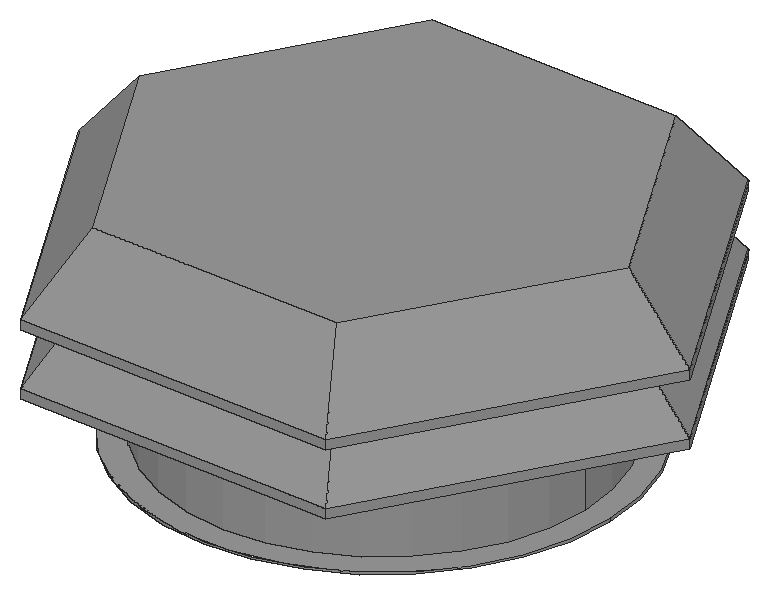
Revit family "З-ВО_Eng", category Duct Accessories, Revit 2021
Family settings
  Round Connector Dimension = Use Diameter
  Part Type = Attaches To
  Work Plane-Based = No
  Always vertical = Yes
  Cut with Voids When Loaded = No
  Shared = No
Parameters (values of type "Z-VO-900")
  Width = A  # 1189 mm
  Weight = 57.00 kg
  Load Classification = "HVAC"
  Length = A / (2 * tan(60.00°)) * 2 + a  # 1372.939 mm
  Height = H  # 527 mm
  Diameter = Dy  # 900 mm
  Default Elevation = 0 mm
  Manufacturer = "Vents"  # constant formula
  h1 = (H - h) / 2  # 158.5 mm
  a1 = A1 / sqrt(3)  # 549.176 mm
  a = A / sqrt(3)  # 686.469 mm
  URL = "https://ventilation-system.com/series/z-vo"
  H = 527 mm
  Dy = 900 mm
  A1 = A / 1.25  # 951.2 mm
  A = 1189 mm
  h = 210 mm
  Maintenance zone material = none
  Grid Material = Mesh, steel, painted,  RAL5007
  D2 = 1015 mm
  Dn = Dy + 5 mm  # 905 mm
  Casing Material = Metal, painted, blue, matte RAL 5007
  09_System_Name [instance] = ""
  00_20_Type = "Z-VO-900"
  00_20_Name = "Hood"  # constant formula
  00_20_Manufacturer = "Vents"  # constant formula
Types (12, lengths in mm): name | Width | Weight | Length | Height | Diameter | h1 | a1 | a | H | Dy | A1 | A | h | D2 | Dn | 00_20_Type
  (no name) | 1189 | 57.00 kg | 1372.939 | 527 | 900 | 158.5 | 549.176 | 686.469 | 527 | 900 | 951.2 | 1189 | 210 | 1015 | 905 | "Z-VO-900"
  Z-VO-400 | 612 | 10.00 kg | 706.677 | 319 | 400 | 84.5 | 282.671 | 353.338 | 319 | 400 | 489.6 | 612 | 150 | 490 | 405 | "Z-VO-400"
  Z-VO-450 | 672 | 11.00 kg | 775.959 | 319 | 450 | 84.5 | 310.384 | 387.979 | 319 | 450 | 537.6 | 672 | 150 | 540 | 455 | "Z-VO-450"
  Z-VO-1250 | 1707 | 115.00 kg | 1971.074 | 685 | 1250 | 200 | 788.43 | 985.537 | 685 | 1250 | 1365.6 | 1707 | 285 | 1400 | 1255 | "Z-VO-1250"
  Z-VO-500 | 742 | 14.00 kg | 856.788 | 350 | 500 | 100 | 342.715 | 428.394 | 350 | 500 | 593.6 | 742 | 150 | 600 | 505 | "Z-VO-500"
  Z-VO-560 | 790 | 16.00 kg | 912.213 | 350 | 560 | 100 | 364.885 | 456.107 | 350 | 560 | 632 | 790 | 150 | 660 | 565 | "Z-VO-560"
  Z-VO-630 | 860 | 20.00 kg | 993.042 | 359 | 630 | 104.5 | 397.217 | 496.521 | 359 | 630 | 688 | 860 | 150 | 730 | 635 | "Z-VO-630"
  Z-VO-710 | 988 | 31.00 kg | 1140.844 | 420 | 710 | 135 | 456.338 | 570.422 | 420 | 710 | 790.4 | 988 | 150 | 810 | 715 | "Z-VO-710"
  Z-VO-800 | 1072 | 42.00 kg | 1237.839 | 475 | 800 | 142.5 | 495.136 | 618.919 | 475 | 800 | 857.6 | 1072 | 190 | 900 | 805 | "Z-VO-800"
  Z-VO-900 | 1189 | 57.00 kg | 1372.939 | 527 | 900 | 158.5 | 549.176 | 686.469 | 527 | 900 | 951.2 | 1189 | 210 | 1015 | 905 | "Z-VO-900"
  Z-VO-1000 | 1404 | 83.00 kg | 1621.2 | 640 | 1000 | 200 | 648.48 | 810.6 | 640 | 1000 | 1123.2 | 1404 | 240 | 1115 | 1005 | "Z-VO-1000"
  Z-VO-1120 | 1552 | 99.00 kg | 1792.095 | 655 | 1120 | 200 | 716.838 | 896.048 | 655 | 1120 | 1241.6 | 1552 | 255 | 1270 | 1125 | "Z-VO-1120"
Reference planes
  plane 1 "По центру (Вперед/Назад)": y = 0
  plane 2: z = 0
  plane 3 "По центру (Влево/Вправо)": x = 0
  plane 4: z = 527
Forms (mm)
  Extrusion 1, solid, material "Metal, painted, blue, matte RAL 5007" <- "Casing Material"
    sketch origin (0, 0, 0) x (1, 0, 0) y (0, 1, 0)
      loop
        circle (0, 0) r 450
      loop
        circle (0, 0) r 507.5
    from 0 to 5
  Extrusion 2, solid, material "Metal, painted, blue, matte RAL 5007" <- "Casing Material"
    sketch origin (0, 0, 0) x (1, 0, 0) y (0, 1, 0)
      loop
        circle (0, 0) r 450
      loop
        circle (0, 0) r 452.5
    from 5 to 205
  Extrusion 3, solid, material "Metal, painted, blue, matte RAL 5007" <- "Casing Material"
    sketch origin (0, 0, 0) x (1, 0, 0) y (0, 1, 0)
      loop
        circle (0, 0) r 450
      loop
        circle (0, 0) r 507.5
    from 205 to 210
  Extrusion 4, solid, material "Mesh, steel, painted,  RAL5007" <- "Grid Material"
    sketch origin (0, 0, 0) x (1, 0, 0) y (0, 1, 0)
      loop
        line (686.469, 0) -> (343.235, 594.5) -> (-343.235, 594.5) -> (-686.469, 0) -> (-343.235, -594.5) -> (343.235, -594.5) -> (686.469, 0)
      loop
        circle (0, 0) r 450
    from 210 to 230
  Blend 5, solid, material "Metal, painted, blue, matte RAL 5007" <- "Casing Material"
    base sketch origin (0, 0, 0) x (1, 0, 0) y (0, 1, 0)
      loop
        line (-343.235, 594.5) -> (-686.469, 0) -> (-343.235, -594.5) -> (343.235, -594.5) -> (686.469, 0) -> (343.235, 594.5) -> (-343.235, 594.5)
    top sketch origin (0, 0, 0) x (1, 0, 0) y (0, 1, 0)
      loop
        line (-274.588, 475.6) -> (-549.176, 0) -> (-274.588, -475.6) -> (274.588, -475.6) -> (549.176, 0) -> (274.588, 475.6) -> (-274.588, 475.6)
    from 230 to 388.5
  Blend 6, solid, material "Metal, painted, blue, matte RAL 5007" <- "Casing Material"
    base sketch origin (0, 0, 0) x (1, 0, 0) y (0, 1, 0)
      loop
        line (-343.235, 594.5) -> (-686.469, 0) -> (-343.235, -594.5) -> (343.235, -594.5) -> (686.469, 0) -> (343.235, 594.5) -> (-343.235, 594.5)
    top sketch origin (0, 0, 0) x (1, 0, 0) y (0, 1, 0)
      loop
        line (-274.588, 475.6) -> (-549.176, 0) -> (-274.588, -475.6) -> (274.588, -475.6) -> (549.176, 0) -> (274.588, 475.6) -> (-274.588, 475.6)
    from 368.5 to 527
  Extrusion 7, solid, material "Mesh, steel, painted,  RAL5007" <- "Grid Material"
    sketch origin (0, 0, 0) x (1, 0, 0) y (0, 1, 0)
      loop
        line (343.235, -594.5) -> (686.469, 0) -> (343.235, 594.5) -> (-343.235, 594.5) -> (-686.469, 0) -> (-343.235, -594.5) -> (343.235, -594.5)
    from 348.5 to 368.5
Dimensions and locks
  locked: level to Extrusion 1 at 5
  locked: Extrusion 3 to Extrusion 3 at 5
  "h": level to Extrusion 3
  equal spacing: Extrusion 4 sketch curve, plane 3 "По центру (Влево/Вправо)", Extrusion 4 sketch curve  (x2)
  "a": Extrusion 4 sketch curve to Extrusion 4 sketch curve  (x2)
  "A": Extrusion 4 sketch curve to Extrusion 4 sketch curve
  equal spacing: Extrusion 4 sketch curve, plane 1 "По центру (Вперед/Назад)", Extrusion 4 sketch curve
  locked: Extrusion 4 to Extrusion 4 at 20
  "A": Blend 5 sketch curve to Blend 5 sketch curve
  "a": Blend 5 sketch curve to Blend 5 sketch curve  (x2)
  equal spacing: Blend 5 sketch curve, plane 3 "По центру (Влево/Вправо)", Blend 5 sketch curve  (x4)
  equal spacing: Blend 5 sketch curve, plane 1 "По центру (Вперед/Назад)", Blend 5 sketch curve  (x2)
  "A1": Blend 5 sketch curve to Blend 5 sketch curve
  "a1": Blend 5 sketch curve to Blend 5 sketch curve  (x2)
  "h1": Blend 5 to Blend 5
  equal spacing: Blend 6 sketch curve, plane 1 "По центру (Вперед/Назад)", Blend 6 sketch curve  (x2)
  "A": Blend 6 sketch curve to Blend 6 sketch curve
  equal spacing: Blend 6 sketch curve, plane 3 "По центру (Влево/Вправо)", Blend 6 sketch curve  (x4)
  "a": Blend 6 sketch curve to Blend 6 sketch curve  (x2)
  "A1": Blend 6 sketch curve to Blend 6 sketch curve
  "a1": Blend 6 sketch curve to Blend 6 sketch curve  (x2)
  "H": level to plane 4
  "h1": Blend 6 to Blend 6
  equal spacing: Extrusion 7 sketch curve, plane 3 "По центру (Влево/Вправо)", Extrusion 7 sketch curve  (x2)
  "a": Extrusion 7 sketch curve to Extrusion 7 sketch curve  (x2)
  equal spacing: Extrusion 7 sketch curve, plane 1 "По центру (Вперед/Назад)", Extrusion 7 sketch curve
  "A": Extrusion 7 sketch curve to Extrusion 7 sketch curve
  locked: Extrusion 7 to Extrusion 7 at 20
  "Dy": diameter of Extrusion 1 sketch curve
  "D2": diameter of Extrusion 1 sketch curve
  "Dn": diameter of Extrusion 2 sketch curve
  "Dy": diameter of Extrusion 2 sketch curve
  "D2": diameter of Extrusion 3 sketch curve
  "Dy": diameter of Extrusion 3 sketch curve
  "Dy": diameter of Extrusion 4 sketch curve
  locked: Extrusion 4 sketch curve to Extrusion 4 sketch curve (angle 120.00°)  (x4)
  locked: Extrusion 4 to Extrusion 4 (angle 120.00°)  (x6)
  locked: Blend 5 sketch curve to Blend 5 sketch curve (angle 120.00°)  (x9)
  locked: Blend 6 sketch curve to Blend 6 sketch curve (angle 120.00°)  (x8)
  locked: Extrusion 7 sketch curve to Extrusion 7 sketch curve (angle 120.00°)  (x4)
  aligned and locked: level to plane 2
  aligned and locked: Extrusion 2 to Extrusion 3
  aligned and locked: Extrusion 4 to Extrusion 3
  aligned and locked: Blend 5 to Extrusion 4
  aligned and locked: Blend 6 to plane 4
  aligned and locked: Extrusion 7 to Blend 6
Automatic sketch dimensions
  Extrusion 1 sketch curve to Extrusion 1 sketch curve = 0 mm  (x2)
  plane 1 "По центру (Вперед/Назад)" to Extrusion 1 sketch curve = 0 mm
  Extrusion 1 sketch curve to plane 3 "По центру (Влево/Вправо)" = 0 mm
  Extrusion 2 sketch curve to Extrusion 2 sketch curve = 0 mm  (x2)
  plane 1 "По центру (Вперед/Назад)" to Extrusion 2 sketch curve = 0 mm
  Extrusion 2 sketch curve to plane 3 "По центру (Влево/Вправо)" = 0 mm
  Extrusion 3 sketch curve to Extrusion 3 sketch curve = 0 mm  (x2)
  plane 1 "По центру (Вперед/Назад)" to Extrusion 3 sketch curve = 0 mm
  Extrusion 3 sketch curve to plane 3 "По центру (Влево/Вправо)" = 0 mm
  plane 1 "По центру (Вперед/Назад)" to Extrusion 4 sketch curve = 0 mm
  Extrusion 4 sketch curve to plane 3 "По центру (Влево/Вправо)" = 0 mm
